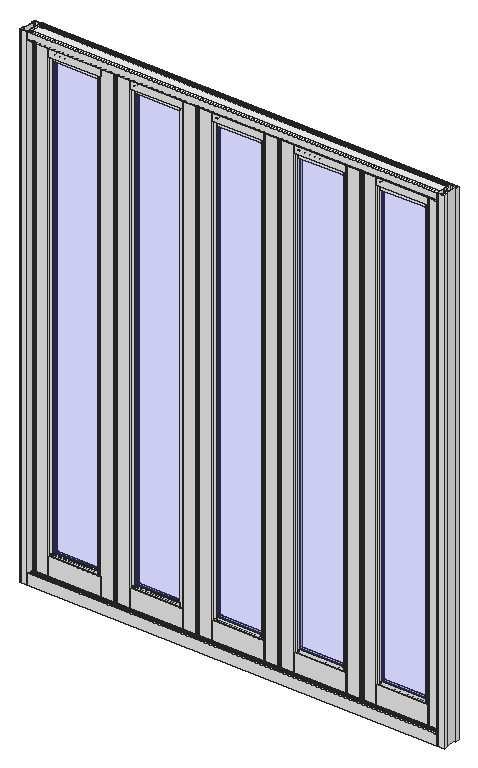
Revit family "Vistafold_Sliding_Folding_5_Custom", category Doors, host Wall, Revit 2014
Parameters (values of type "Vistafold-5-Custom")
  Windload Design = if(Custom Windload < 1001 mm, 1000 mm, if(Custom Windload < 1501 mm, 1500 mm, 1500 mm))  # 1000 mm
  Width Sash [instance] = 341.2 mm
  Width = if(Custom Door Width < Limit Door Width Min, Limit Door Width Min, if(Custom Door Width > Limit Door Width Max, Limit Door Width Max, Custom Door Width))  # 1790 mm
  Wall Thickness [instance] = 200 mm
  URL = "http://www.crealco.co.za/crealco-products.php"
  Model = "Vistafold"  # constant formula
  Manufacturer = "Crealco"  # constant formula
  Description = "Sliding folding door, 5 panel custom"  # constant formula
  Custom U Value [instance] = 0
  Custom SHGC Value [instance] = 0
  Thickness = 758 mm
  Thermal Resistance (R) [instance] = if(and(Custom U Value > 0.5678, 1 / Custom U Value < 36.9087), Custom U Value, if(not(Custom U Value > 0.5678), 1 / 0.5679, 1 / 36.9086)) * 1.0000 (m²·K)/W  # 1.76087 (m²·K)/W
  Solar Heat Gain Coefficient [instance] = if(and(not(Custom SHGC Value < 0), not(Custom SHGC Value > 1)), Custom SHGC Value, if(Custom U Value < 0, 0, 1))  # 0
  Single Glazing [instance] = not(Double Glazing)  # yes
  Sash Width = (Width - (2 * Sash Side Gap) - ((Number Of Sash Inserts - 1) * Sash Spacing Gap)) / Number Of Sash Inserts  # 341.2 mm
  Sash Spacing Gap = 4 mm  # constant formula
  Sash Height = Height - Sash Top Gap - Sash Bottom Gap  # 2023 mm
  Sash Top Gap = 34 mm  # constant formula
  Sash Side Gap = 34 mm  # constant formula
  Sash Frame Seal = 3.4 mm  # constant formula
  Sash Bottom Gap = 33 mm  # constant formula
  Rough Width = 2.5 mm
  Overall Width [instance] = 1790 mm
  Overall Height [instance] = 2090 mm
  Number Of Sash Inserts = 5  # constant formula
  Max System DG Unit Thickness = 25 mm  # constant formula
  Max System DG One Piece Thickness = rounddown((Max System DG Unit Thickness - DG Air Gap Thickness) / 2 mm) * 1 mm  # 6 mm
  Max Pane Area = (Sash Width - (2 * 38.7 mm)) * (Sash Height - (2 * 38.7 mm))  # 0.513249 m²
  Limit Door Width Min = (Limit Sash Width Min * Number Of Sash Inserts) + (2 * Sash Side Gap) + ((Number Of Sash Inserts - 1) * Sash Spacing Gap)  # 1584 mm
  Limit Door Width Max = (Limit Sash Width Max * Number Of Sash Inserts) + (2 * Sash Side Gap) + ((Number Of Sash Inserts - 1) * Sash Spacing Gap)  # 4584 mm
  Limit Door Height Min = Limit Sash Height Min + Sash Bottom Gap + Sash Top Gap  # 367 mm
  Limit Door Height Max = Limit Sash Height Max + Sash Bottom Gap + Sash Top Gap  # 2467 mm
  Limit Sash Width Min = 300 mm  # constant formula
  Limit Sash Width Max = if(Windload Design = 1000 mm, if(not(Height - Sash Top Gap - Sash Bottom Gap > 2100 mm), 900 mm, 600 mm), 600 mm)  # 900 mm
  Limit Sash Height Min = 300 mm  # constant formula
  Limit Sash Height Max = if(Windload Design = 1000 mm, 2400 mm, 2100 mm)  # 2400 mm
  IGDB or SAGDB Number = 0
  Height Sash [instance] = 2023 mm
  Height = if(Custom Door Height < Limit Door Height Min, Limit Door Height Min, if(Custom Door Height > Limit Door Height Max, Limit Door Height Max, Custom Door Height))  # 2090 mm
  Heat Transfer Coefficient (U) [instance] = if(and(Custom U Value > 0.5678, Custom U Value < 36.9087), Custom U Value, if(not(Custom U Value > 0.5678), 0.5679, 36.9086)) * 1.0000 W/(m²·K)  # 0.5679 W/(m²·K)
  Glazing Thickness DG [instance] = if(IGDB or SAGDB Number = 105003, 6 mm, if(IGDB or SAGDB Number = 105004, 7 mm, if(DG Thickness Calc > Max System DG One Piece Thickness, Max System DG One Piece Thickness, DG Thickness Calc)))  # 6 mm
  Glazing Thickness SG [instance] = if(IGDB or SAGDB Number = 1000016, 5 mm, if(IGDB or SAGDB Number = 100100, 6 mm, if(IGDB or SAGDB Number = 103200, 7 mm, if(not(Max Pane Area > 0.75 m²), 4 mm, if(not(Max Pane Area > 1.50 m²), 4 mm, if(not(Max Pane Area > 2.10 m²), 5 mm, if(not(Max Pane Area > 2.90 m²), 6.4 mm, if(not(Max Pane Area > 4.30 m²), 8 mm, 10 mm))))))))  # 4 mm
  Glazing Material [instance] = if(IGDB or SAGDB Number = 1000016, "PFG TOUGHENED SAFETY GLASS 5mm", if(IGDB or SAGDB Number = 100100, "PFG INTRUDERPRUFE 6.38mm", if(IGDB or SAGDB Number = 103200, "PFG INTRUDERPRUFE LOW-E 7.38mm", if(IGDB or SAGDB Number = 105003, "PFG 25mm INTRUDERPRUFE INSULATED GLASS", if(IGDB or SAGDB Number = 105004, "PFG 25mm INTRUDERPRUFE INSULATED GLASS LOW-E", "Unknown")))))  # "Unknown"
  Glazing Finish [instance] = Glass
  Glazing Code [instance] = if(IGDB or SAGDB Number = 1000016, "TSG5", if(IGDB or SAGDB Number = 100100, "LAM01", if(IGDB or SAGDB Number = 103200, "LAM01E", if(IGDB or SAGDB Number = 105003, "IGU25", if(IGDB or SAGDB Number = 105004, "IGU25E", "Unknown")))))  # "Unknown"
  Frame Thickness = 75 mm  # constant formula
  Frame Offset From Exterior [instance] = if(Centered In Wall, (Wall Thickness - Frame Thickness) / 2, Custom Frame Offset From Exterior)  # 62.5 mm
  Double Glazing Gasket Material = Double Glazing Gasket Material
  Double Glazing [instance] = no
  Default Sill Height = 0 mm  # constant formula
  Wall Closure = By host
  DG Thickness Calc = if(not(Max Pane Area > 1.125 m²), 6 mm, if(not(Max Pane Area > 2.25 m²), 6 mm, if(not(Max Pane Area > 3.15 m²), 6 mm, if(not(Max Pane Area > 4.35 m²), 6 mm, if(not(Max Pane Area > 6.45 m²), 8 mm, 10 mm)))))  # 6 mm
  DG Air Gap Thickness = 12 mm  # constant formula
  Custom Door Width = 1790 mm
  Custom Door Height = 2090 mm
  Custom Windload = 1000 mm
  Custom Frame Offset From Exterior = 0 mm
  Centered In Wall = yes
  Aluminium Finish [instance] = White Powder Coated Aluminium ANP 1052
  All Available Glazing Numbers = "The rows below list the available glazing materials for this window:"  # constant formula
  105004 [instance] = "IGU25E"  # constant formula
  105003 [instance] = "IGU25"  # constant formula
  103200 [instance] = "LAM01E"  # constant formula
  100100 [instance] = "LAM01"  # constant formula
  1000016 [instance] = "TSG5"  # constant formula
Reference planes
  plane 1 "Center (Front/Back)": y = 0
  plane 2 "Center (Left/Right)": x = 0
  plane 3 "Left": x = -895
  plane 4 "Right": x = 895
  plane 5 "Sill": z = 0
  plane 6 "Head": z = 2090
  plane 7 "Exterior": y = 100
  plane 8 "Interior": y = -100
Lines and regions (mm)
  Opening 1
    outline origin (3500, -100, 0) x (1, 0, 0) y (0, 0, 1)
      loop
        line (-2605, 0) -> (-2605, 2090) -> (-4395, 2090) -> (-4395, 0) -> (-2605, 0)
Text (mm)
  text "EXTERIOR" at (-1963.203, 1332.353, 0), in view "Ref. Level"
  text "INTERIOR" at (-1981.466, -818.386, 0), in view "Ref. Level"
  text "Exterior" at (0, 923.751, 2943.296), in view "Right"
  text "Exterior" at (0, 1040.484, 2685.409), in view "Left"
Dimensions and locks
  equal spacing: plane 3 "Left", plane 2 "Center (Left/Right)", plane 4 "Right"
  "Width": plane 3 "Left" to plane 4 "Right"
  "Height": plane 5 "Sill" to plane 6 "Head"
  "Default Sill Height": plane 5 "Sill" to level
  locked: plane 7 "Exterior" to host wall at 0
  locked: plane 8 "Interior" to host wall
  "Overall Height": plane 6 "Head" to plane 5 "Sill"
  "Overall Width": plane 3 "Left" to plane 4 "Right"
  "Frame Offset From Exterior": nested 1 to plane 7 "Exterior"
  "Sash Side Gap": plane 3 "Left" to nested 2
  "Sash Top Gap": nested 2 to plane 6 "Head"
  "Sash Top Gap": nested 3 to plane 6 "Head"
  "Sash Top Gap": nested 4 to plane 6 "Head"
  "Sash Spacing Gap": nested 2 to nested 3
  "Sash Spacing Gap": nested 3 to nested 4
  "Height Sash": nested 4 to nested 4
  "Width Sash": nested 4 to nested 4
  "Sash Top Gap": nested 8 to plane 6 "Head"
  "Sash Spacing Gap": nested 4 to nested 8
  "Sash Top Gap": nested 10 to plane 6 "Head"
  "Sash Spacing Gap": nested 8 to nested 10
  aligned and locked: nested 1 to plane 6 "Head"
  aligned and locked: nested 1 to plane 4 "Right"
  aligned and locked: nested 2 to nested 1
  aligned and locked: nested 3 to nested 1
  aligned and locked: nested 4 to nested 1
  aligned and locked: nested 1 to nested 8
  aligned and locked: nested 10 to nested 1
Automatic sketch dimensions
  plane 3 "Left" to Opening 1 sketch curve = 0 mm
  plane 4 "Right" to Opening 1 sketch curve = 0 mm
  Opening 1 sketch curve to plane 5 "Sill" = 0 mm
  Opening 1 sketch curve to plane 6 "Head" = 0 mm
Nested families
  nested 1: "Vistafold_Frame_5_Cust" at (940, -59.088, -88.811) x (-1, 0, 0) z (0, 0, 1), Width <- "Width", Height <- "Height", Profile Material <- "Aluminium Finish", type "Vistafold_Frame_5_Cust"
    with Width 1790 mm, Profile Material White Powder Coated Aluminium ANP 1052, Length Jamb 2090 mm, Length Head & Sill 1730 mm, Height 2090 mm
  nested 2: "Vistafold_Sash_Insert_5_Cust" at (-519.8, -6.496, 33) x (-1, 0, 0) z (0, 0, 1), Profile Material <- "Aluminium Finish", Glazing Material <- "Glazing Finish", Double Glazing Gasket Material <- "Double Glazing Gasket Material", Sash Width <- "Sash Width", Sash Height <- "Sash Height", Glazing Thickness DG <- "Glazing Thickness DG", Glazing Thickness SG <- "Glazing Thickness SG", DG Gasket Thickness <- "DG Air Gap Thickness", Double Glazing <- "Double Glazing", type "Vistafold_Sash_Insert_5_Cust"
    with Single Glazing yes, Sash Width 341.2 mm, Sash Height 2023 mm, SG Exterior Offset 12.35 mm, Right Sliding Folding no, Right Hinged no, Profile Material White Powder Coated Aluminium ANP 1052, Length Jamb 2023 mm, Length Head and Sill 221.2 mm, Left Sliding Folding yes, Left Hinged no, Jamb Woodpile Right no, Jamb Woodpile Left no, Jamb Stile Right no, Jamb Stile Left yes, Jamb Astragal Right yes, Jamb Astragal Left no, Is Sliding yes, Glazing Width 211.2 mm, Glazing Thickness SG 4 mm, Glazing Thickness DG 6 mm, Glazing Material Glass, Glazing Height 1878 mm, Double Glazing Gasket Material Double Glazing Gasket Material, Double Glazing no, DG Gasket Thickness 12 mm, DG Exterior Offset 10.3 mm, Bead Width 221.2 mm, Bead Height 1888 mm
  nested 3: "Vistafold_Sash_Insert_5_Cust" at (-174.6, -6.496, 33) x (-1, 0, 0) z (0, 0, 1), Profile Material <- "Aluminium Finish", Glazing Material <- "Glazing Finish", Double Glazing Gasket Material <- "Double Glazing Gasket Material", Sash Width <- "Sash Width", Sash Height <- "Sash Height", Glazing Thickness DG <- "Glazing Thickness DG", Glazing Thickness SG <- "Glazing Thickness SG", DG Gasket Thickness <- "DG Air Gap Thickness", Double Glazing <- "Double Glazing", type "Vistafold_Sash_Insert_5_Cust"
    with Single Glazing yes, Sash Width 341.2 mm, Sash Height 2023 mm, SG Exterior Offset 12.35 mm, Right Sliding Folding no, Right Hinged no, Profile Material White Powder Coated Aluminium ANP 1052, Length Jamb 2023 mm, Length Head and Sill 221.2 mm, Left Sliding Folding yes, Left Hinged no, Jamb Woodpile Right yes, Jamb Woodpile Left no, Jamb Stile Right no, Jamb Stile Left yes, Jamb Astragal Right no, Jamb Astragal Left no, Is Sliding yes, Glazing Width 211.2 mm, Glazing Thickness SG 4 mm, Glazing Thickness DG 6 mm, Glazing Material Glass, Glazing Height 1878 mm, Double Glazing Gasket Material Double Glazing Gasket Material, Double Glazing no, DG Gasket Thickness 12 mm, DG Exterior Offset 10.3 mm, Bead Width 221.2 mm, Bead Height 1888 mm
  nested 4: "Vistafold_Sash_Insert_5_Cust" at (170.6, -6.496, 33) x (-1, 0, 0) z (0, 0, 1), Profile Material <- "Aluminium Finish", Glazing Material <- "Glazing Finish", Double Glazing Gasket Material <- "Double Glazing Gasket Material", Sash Width <- "Sash Width", Sash Height <- "Sash Height", Glazing Thickness DG <- "Glazing Thickness DG", Glazing Thickness SG <- "Glazing Thickness SG", DG Gasket Thickness <- "DG Air Gap Thickness", Double Glazing <- "Double Glazing", type "Vistafold_Sash_Insert_5_Cust"
    with Single Glazing yes, Sash Width 341.2 mm, Sash Height 2023 mm, SG Exterior Offset 12.35 mm, Right Sliding Folding no, Right Hinged no, Profile Material White Powder Coated Aluminium ANP 1052, Length Jamb 2023 mm, Length Head and Sill 221.2 mm, Left Sliding Folding yes, Left Hinged no, Jamb Woodpile Right yes, Jamb Woodpile Left no, Jamb Stile Right no, Jamb Stile Left yes, Jamb Astragal Right no, Jamb Astragal Left no, Is Sliding yes, Glazing Width 211.2 mm, Glazing Thickness SG 4 mm, Glazing Thickness DG 6 mm, Glazing Material Glass, Glazing Height 1878 mm, Double Glazing Gasket Material Double Glazing Gasket Material, Double Glazing no, DG Gasket Thickness 12 mm, DG Exterior Offset 10.3 mm, Bead Width 221.2 mm, Bead Height 1888 mm
  nested 5: "Vistafold_Single_Glazing_Sliding_Folding_5_Cust" at (-796, 5.854, 123) x (-1, 0, 0) z (0, 0, 1), type "Vistafold_Single_Glazing_Sliding_Folding_5_Cust"
    with Right Sliding Folding no, Right Hinged no, Length Arrow Tip 11.172 mm, Length Arrow Down 18.433 mm, Length Arrow 36.867 mm, Left Sliding Folding yes, Left Hinged no, Is Sliding Folding yes, Half Height 939 mm, Glazing Width 211.2 mm, Glazing Thickness SG 4 mm, Glazing Material Glass, Glazing Height 1878 mm, Double Glazing Gasket Material Double Glazing Gasket Material, Arrow Tip Length 11.172 mm, Arrow Left Gap 87.167 mm, Arrow Bottom Gap 948.217 mm
  nested 6: "Vistafold_Single_Glazing_Sliding_Folding_5_Cust" at (-450.8, 5.854, 123) x (-1, 0, 0) z (0, 0, 1), type "Vistafold_Single_Glazing_Sliding_Folding_5_Cust"
    with Right Sliding Folding no, Right Hinged no, Length Arrow Tip 11.172 mm, Length Arrow Down 18.433 mm, Length Arrow 36.867 mm, Left Sliding Folding yes, Left Hinged no, Is Sliding Folding yes, Half Height 939 mm, Glazing Width 211.2 mm, Glazing Thickness SG 4 mm, Glazing Material Glass, Glazing Height 1878 mm, Double Glazing Gasket Material Double Glazing Gasket Material, Arrow Tip Length 11.172 mm, Arrow Left Gap 87.167 mm, Arrow Bottom Gap 948.217 mm
  nested 7: "Vistafold_Single_Glazing_Sliding_Folding_5_Cust" at (-105.6, 5.854, 123) x (-1, 0, 0) z (0, 0, 1), type "Vistafold_Single_Glazing_Sliding_Folding_5_Cust"
    with Right Sliding Folding no, Right Hinged no, Length Arrow Tip 11.172 mm, Length Arrow Down 18.433 mm, Length Arrow 36.867 mm, Left Sliding Folding yes, Left Hinged no, Is Sliding Folding yes, Half Height 939 mm, Glazing Width 211.2 mm, Glazing Thickness SG 4 mm, Glazing Material Glass, Glazing Height 1878 mm, Double Glazing Gasket Material Double Glazing Gasket Material, Arrow Tip Length 11.172 mm, Arrow Left Gap 87.167 mm, Arrow Bottom Gap 948.217 mm
  nested 8: "Vistafold_Sash_Insert_5_Cust" at (515.8, -6.5, 33) x (-1, 0, 0) z (0, 0, 1), Profile Material <- "Aluminium Finish", Glazing Material <- "Glazing Finish", Double Glazing Gasket Material <- "Double Glazing Gasket Material", Sash Width <- "Sash Width", Sash Height <- "Sash Height", Glazing Thickness DG <- "Glazing Thickness DG", Glazing Thickness SG <- "Glazing Thickness SG", DG Gasket Thickness <- "DG Air Gap Thickness", Double Glazing <- "Double Glazing", type "Vistafold_Sash_Insert_5_Cust"
    with Single Glazing yes, Sash Width 341.2 mm, Sash Height 2023 mm, SG Exterior Offset 12.35 mm, Right Sliding Folding no, Right Hinged no, Profile Material White Powder Coated Aluminium ANP 1052, Length Jamb 2023 mm, Length Head and Sill 221.2 mm, Left Sliding Folding yes, Left Hinged no, Jamb Woodpile Right yes, Jamb Woodpile Left no, Jamb Stile Right no, Jamb Stile Left yes, Jamb Astragal Right no, Jamb Astragal Left no, Is Sliding yes, Glazing Width 211.2 mm, Glazing Thickness SG 4 mm, Glazing Thickness DG 6 mm, Glazing Material Glass, Glazing Height 1878 mm, Double Glazing Gasket Material Double Glazing Gasket Material, Double Glazing no, DG Gasket Thickness 12 mm, DG Exterior Offset 10.3 mm, Bead Width 221.2 mm, Bead Height 1888 mm
  nested 9: "Vistafold_Single_Glazing_Sliding_Folding_5_Cust" at (239.6, 5.85, 123) x (-1, 0, 0) z (0, 0, 1), type "Vistafold_Single_Glazing_Sliding_Folding_5_Cust"
    with Right Sliding Folding no, Right Hinged no, Length Arrow Tip 11.172 mm, Length Arrow Down 18.433 mm, Length Arrow 36.867 mm, Left Sliding Folding yes, Left Hinged no, Is Sliding Folding yes, Half Height 939 mm, Glazing Width 211.2 mm, Glazing Thickness SG 4 mm, Glazing Material Glass, Glazing Height 1878 mm, Double Glazing Gasket Material Double Glazing Gasket Material, Arrow Tip Length 11.172 mm, Arrow Left Gap 87.167 mm, Arrow Bottom Gap 948.217 mm
  nested 10: "Vistafold_Sash_Insert_5_Cust" at (861, -6.496, 33) x (-1, 0, 0) z (0, 0, 1), Profile Material <- "Aluminium Finish", Glazing Material <- "Glazing Finish", Double Glazing Gasket Material <- "Double Glazing Gasket Material", Sash Width <- "Sash Width", Sash Height <- "Sash Height", Glazing Thickness DG <- "Glazing Thickness DG", Glazing Thickness SG <- "Glazing Thickness SG", DG Gasket Thickness <- "DG Air Gap Thickness", Double Glazing <- "Double Glazing", type "Vistafold_Sash_Insert_5_Cust"
    with Single Glazing yes, Sash Width 341.2 mm, Sash Height 2023 mm, SG Exterior Offset 12.35 mm, Right Sliding Folding no, Right Hinged no, Profile Material White Powder Coated Aluminium ANP 1052, Length Jamb 2023 mm, Length Head and Sill 221.2 mm, Left Sliding Folding yes, Left Hinged no, Jamb Woodpile Right yes, Jamb Woodpile Left no, Jamb Stile Right no, Jamb Stile Left yes, Jamb Astragal Right no, Jamb Astragal Left no, Is Sliding yes, Glazing Width 211.2 mm, Glazing Thickness SG 4 mm, Glazing Thickness DG 6 mm, Glazing Material Glass, Glazing Height 1878 mm, Double Glazing Gasket Material Double Glazing Gasket Material, Double Glazing no, DG Gasket Thickness 12 mm, DG Exterior Offset 10.3 mm, Bead Width 221.2 mm, Bead Height 1888 mm
  nested 11: "Vistafold_Single_Glazing_Sliding_Folding_5_Cust" at (584.8, 5.854, 123) x (-1, 0, 0) z (0, 0, 1), type "Vistafold_Single_Glazing_Sliding_Folding_5_Cust"
    with Right Sliding Folding no, Right Hinged no, Length Arrow Tip 11.172 mm, Length Arrow Down 18.433 mm, Length Arrow 36.867 mm, Left Sliding Folding yes, Left Hinged no, Is Sliding Folding yes, Half Height 939 mm, Glazing Width 211.2 mm, Glazing Thickness SG 4 mm, Glazing Material Glass, Glazing Height 1878 mm, Double Glazing Gasket Material Double Glazing Gasket Material, Arrow Tip Length 11.172 mm, Arrow Left Gap 87.167 mm, Arrow Bottom Gap 948.217 mm
Definition of nested family "Vistafold_Frame_5_Cust"
  Parameters (values of type "Vistafold_Frame")
    Width [instance] = 900 mm
    Profile Material [instance] = none
    Length Jamb [instance] = Height  # 600 mm
    Length Head & Sill [instance] = Width - (2 * Jamb Thickness)  # 840 mm
    Jamb Thickness = 30 mm  # constant formula
    Height [instance] = 600 mm
  Reference planes
    plane 1 "Center (Front/Back)": y = 0
    plane 2: z = 0
    plane 3 "Center (Left/Right)": x = 0
  Dimensions and locks
    aligned and locked: level to plane 2
    aligned and locked: nested 1 to nested 2
    aligned and locked: nested 2 to nested 1  (x2)
    aligned and locked: nested 1 to nested 4
    aligned and locked: nested 4 to nested 1  (x2)
    aligned and locked: nested 1 to nested 3
    aligned and locked: nested 3 to nested 2  (x2)
  Nested families
    nested 1: "Vistafold_Frame_Sill" at (75, -135.045, 65.947), Profile Material <- "Profile Material", Length Sill <- "Length Head & Sill", type "Vistafold_Frame_Sill"
      with Profile Material none, Length Sill 840 mm, Floortrack Start -840 mm
    nested 2: "Vistafold_Frame_Jamb" at (39.622, -105, 88.811), Profile Material <- "Profile Material", Length Jamb <- "Length Jamb", type "Vistafold_Frame_Jamb"
      with Profile Material none, Length Jamb 600 mm
    nested 3: "Vistafold_Frame_Head" at (75, -121.445, 230.545), Profile Material <- "Profile Material", Length Head <- "Length Head & Sill", type "Vistafold_Frame_Head"
      with Profile Material none, Length Head 840 mm
    nested 4: "Vistafold_Frame_Jamb" at (950.378, -105, 88.811) x (-1, 0, 0) z (0, 0, 1), Profile Material <- "Profile Material", Length Jamb <- "Length Jamb", type "Vistafold_Frame_Jamb"
      with Profile Material none, Length Jamb 600 mm
  Definition of nested family "Vistafold_Frame_Sill"
    Parameters (values of type "Vistafold_Frame_Sill")
      Profile Material [instance] = none
      Length Sill [instance] = 250 mm
      Floortrack Start [instance] = -Length Sill  # -250 mm
    Reference planes
      plane 1 "Center (Front/Back)": y = 0
      plane 2: z = 0
      plane 3 "Center (Left/Right)": x = 0
    Forms (mm)
      Extrusion 1, solid, material <- "Profile Material"
        sketch origin (0, 0, 0) x (0, 1, 0) y (0, 0, 1)
          loop
            line (75.282, 44.856) -> (66.006, 43.368) -> (66.006, 40.864) -> (39.406, 40.864) -> (39.406, 43.364) -> (38.456, 43.364) -> (38.456, 22.864) -> (40.456, 22.864) -> (40.456, 24.864) -> (62.456, 24.864) -> (62.456, 22.864) -> (64.456, 22.864) -> (64.456, 24.864) -> (86.456, 24.864) -> (86.456, 22.864) -> (88.456, 22.864) -> (88.456, 24.864) -> (111.456, 24.864) -> (111.456, 22.864) -> (113.456, 22.864) -> (113.456, 67.364)
            arc (113.456, 67.364) -> (113.31, 67.718) -> (112.956, 67.864) r 0.5
            line (112.956, 67.864) -> (108.156, 67.864) -> (107.449, 67.364) -> (102.48, 67.364) -> (101.773, 67.864) -> (98.156, 67.864) -> (97.449, 67.364) -> (92.48, 67.364) -> (91.773, 67.864) -> (86.956, 67.864)
            arc (86.956, 67.864) -> (86.603, 67.718) -> (86.456, 67.364) r 0.5
            line (86.456, 67.364) -> (86.456, 64.614) -> (87.456, 64.614) -> (87.456, 66.214) -> (89.056, 66.214) -> (89.056, 58.514) -> (87.456, 58.514) -> (87.456, 60.114) -> (86.456, 60.114) -> (86.456, 34.764)
            arc (86.456, 34.764) -> (86.017, 33.703) -> (84.956, 33.264) r 1.5
            line (84.956, 33.264) -> (78.956, 33.264)
            arc (78.956, 33.264) -> (77.896, 33.703) -> (77.456, 34.764) r 1.5
            line (77.456, 34.764) -> (77.456, 42.864)
            arc (77.456, 42.864) -> (76.808, 44.339) -> (75.282, 44.856) r 2
          loop
            line (75.456, 34.764) -> (75.456, 42.921) -> (68.006, 41.493) -> (68.006, 38.864) -> (40.456, 38.864) -> (40.456, 27.064) -> (86.456, 27.064) -> (86.456, 31.264) -> (78.956, 31.264)
            arc (78.956, 31.264) -> (76.482, 32.289) -> (75.456, 34.764) r 3.5
          loop
            line (111.456, 27.064) -> (111.456, 65.864) -> (91.056, 65.864) -> (91.056, 56.864) -> (88.456, 56.864) -> (88.456, 27.064) -> (111.456, 27.064)
        from 0 to 250 <- "Length Sill"
      Extrusion 2, solid
        sketch origin (250, 0, 0) x (0, 1, 0) y (0, 0, 1)
          loop
            line (50.256, 48.118) -> (50.256, 43.364) -> (40.006, 43.364) -> (40.006, 40.864) -> (66.006, 40.864) -> (66.006, 43.364) -> (55.756, 43.364) -> (55.756, 48.118)
            arc (55.756, 48.118) -> (53.006, 50.868) -> (50.256, 48.118) r 2.75
        from -250 <- "Floortrack Start" to 0
    Dimensions and locks
      aligned and locked: level to plane 2
  Definition of nested family "Vistafold_Frame_Jamb"
    Parameters (values of type "Vistafold_Frame_Jamb")
      Profile Material [instance] = none
      Length Jamb [instance] = 250 mm
      Cut Height = 45 mm  # constant formula
    Reference planes
      plane 1 "Center (Front/Back)": y = 0
      plane 2: z = 0
      plane 3 "Center (Left/Right)": x = 0
    Forms (mm)
      Extrusion 1, solid, material <- "Profile Material"
        sketch origin (0, 0, 0) x (1, 0, 0) y (0, 1, 0)
          loop
            line (49.878, 60.812) -> (35.378, 60.812) -> (35.378, 83.412) -> (5.378, 83.412) -> (5.378, 67.912) -> (6.878, 67.912) -> (6.878, 70.412) -> (9.878, 70.412) -> (9.878, 21.412) -> (6.878, 21.412) -> (6.878, 23.912) -> (5.378, 23.912) -> (5.378, 8.412) -> (35.378, 8.412) -> (35.378, 11.512) -> (34.378, 11.512) -> (34.378, 10.012) -> (32.878, 10.012) -> (32.878, 17.612) -> (34.378, 17.612) -> (34.378, 16.112) -> (35.378, 16.112) -> (35.378, 30.312) -> (35.378, 44.712) -> (34.378, 44.712) -> (34.378, 43.212) -> (32.878, 43.212) -> (32.878, 50.812) -> (34.378, 50.812) -> (34.378, 49.312) -> (35.378, 49.312) -> (35.378, 59.012) -> (39.378, 59.012) -> (39.378, 56.912)
            arc (39.378, 56.912) -> (39.524, 56.558) -> (39.878, 56.412) r 0.5
            line (39.878, 56.412) -> (42.628, 56.412) -> (42.628, 57.412) -> (41.028, 57.412) -> (41.028, 59.012) -> (48.728, 59.012) -> (48.728, 57.412) -> (47.128, 57.412) -> (47.128, 56.412) -> (49.878, 56.412)
            arc (49.878, 56.412) -> (50.231, 56.558) -> (50.378, 56.912) r 0.5
            line (50.378, 56.912) -> (50.378, 60.312)
            arc (50.378, 60.312) -> (50.231, 60.665) -> (49.878, 60.812) r 0.5
          loop
            line (32.078, 52.412) -> (33.578, 52.412) -> (33.578, 81.412) -> (7.378, 81.412) -> (7.378, 72.212) -> (10.278, 72.212)
            arc (10.278, 72.212) -> (11.268, 71.802) -> (11.678, 70.812) r 1.4
            line (11.678, 70.812) -> (11.678, 21.012)
            arc (11.678, 21.012) -> (11.268, 20.022) -> (10.278, 19.612) r 1.4
            line (10.278, 19.612) -> (7.378, 19.612) -> (7.378, 10.412) -> (31.078, 10.412) -> (31.078, 18.212)
            arc (31.078, 18.212) -> (31.371, 18.919) -> (32.078, 19.212) r 1
            line (32.078, 19.212) -> (33.378, 19.212) -> (33.378, 30.312) -> (33.378, 41.612) -> (32.078, 41.612)
            arc (32.078, 41.612) -> (31.371, 41.904) -> (31.078, 42.612) r 1
            line (31.078, 42.612) -> (31.078, 51.412)
            arc (31.078, 51.412) -> (31.371, 52.119) -> (32.078, 52.412) r 1
        from 0 to 250 <- "Length Jamb"
      Extrusion 2, void
        sketch origin (35.378, 83.112, 0) x (0, 1, 0) y (0, 0, -1)
          loop
            line (-22.3, -250) -> (-22.3, -205) -> (-26.7, -205) -> (-26.7, -250) -> (-22.3, -250)
          loop
            line (-22.3, 0) -> (-26.7, 0) -> (-26.7, -45) -> (-22.3, -45) -> (-22.3, 0)
        from -50 to 0
    Cuts and joins
      Extrusion 2 cuts Extrusion 1
    Dimensions and locks
      "Cut Height": Extrusion 1 to Extrusion 2 sketch curve  (x2)
      aligned and locked: level to plane 2
      aligned and locked: Extrusion 1 to Extrusion 2 sketch curve  (x2)
      aligned and locked: Extrusion 2 sketch curve to Extrusion 1  (x4)
    Automatic sketch dimensions
      plane 3 "Center (Left/Right)" to Extrusion 1 sketch curve = 5.378 mm  (x2)
      Extrusion 1 sketch curve to Extrusion 1 sketch curve = 1.5 mm  (x10)
      Extrusion 1 sketch curve to Extrusion 1 sketch curve = 2 mm  (x2)
      Extrusion 1 sketch curve to Extrusion 1 sketch curve = 0.5 mm  (x4)
      Extrusion 1 sketch curve to Extrusion 1 sketch curve = 3 mm
      Extrusion 1 sketch curve to Extrusion 1 sketch curve = 0.4 mm  (x5)
      Extrusion 1 sketch curve to Extrusion 1 sketch curve = 1.4 mm
      Extrusion 1 sketch curve to Extrusion 1 sketch curve = 19.4 mm  (x2)
      Extrusion 1 sketch curve to plane 1 "Center (Front/Back)" = 10.412 mm
      Extrusion 1 sketch curve to Extrusion 1 sketch curve = 1 mm  (x7)
      Extrusion 1 sketch curve to Extrusion 1 sketch curve = 1.8 mm  (x2)
      Extrusion 1 sketch curve to Extrusion 1 sketch curve = 0.8 mm
      Extrusion 1 sketch curve to Extrusion 1 sketch curve = 1.3 mm  (x2)
      Extrusion 1 sketch curve to Extrusion 1 sketch curve = 21.9 mm
      Extrusion 1 sketch curve to Extrusion 1 sketch curve = 4 mm
      Extrusion 1 sketch curve to Extrusion 1 sketch curve = 1.65 mm
      Extrusion 1 sketch curve to Extrusion 1 sketch curve = 1.6 mm  (x5)
      Extrusion 1 sketch curve to Extrusion 1 sketch curve = 4.5 mm
      Extrusion 1 sketch curve to Extrusion 1 sketch curve = 1.15 mm  (x2)
      Extrusion 1 sketch curve to Extrusion 1 sketch curve = 4.6 mm  (x2)
      Extrusion 1 sketch curve to Extrusion 1 sketch curve = 0.6 mm  (x2)
      Extrusion 1 sketch curve to Extrusion 1 sketch curve = 9.2 mm  (x2)
      Extrusion 1 sketch curve to Extrusion 1 sketch curve = 2.5 mm  (x2)
      Extrusion 1 sketch curve to Extrusion 1 sketch curve = 11.1 mm
      Extrusion 1 sketch curve to Extrusion 1 sketch curve = 0 mm  (x2)
      Extrusion 1 sketch curve to Extrusion 1 sketch curve = 11.3 mm
      Extrusion 1 sketch curve to Extrusion 1 sketch curve = 7.1 mm
      Extrusion 1 sketch curve to Extrusion 1 sketch curve = 2.1 mm
      Extrusion 1 sketch curve to Extrusion 1 sketch curve = 16.5 mm
  Definition of nested family "Vistafold_Frame_Head"
    Parameters (values of type "Vistafold_Frame_Head")
      Profile Material [instance] = none
      Length Head [instance] = 250 mm
    Reference planes
      plane 1 "Center (Front/Back)": y = 0
      plane 2: z = 0
      plane 3 "Center (Left/Right)": x = 0
    Forms (mm)
      Extrusion 1, solid, material <- "Profile Material"
        sketch origin (0, 0, 0) x (0, 1, 0) y (0, 0, 1)
          loop
            arc (36.956, 458.266) -> (36.249, 457.973) -> (35.956, 457.266) r 1
            line (35.956, 457.266) -> (35.956, 445.766)
            arc (35.956, 445.766) -> (35.81, 445.412) -> (35.456, 445.266) r 0.5
            line (35.456, 445.266) -> (27.356, 445.266)
            arc (27.356, 445.266) -> (27.003, 445.412) -> (26.856, 445.766) r 0.5
            line (26.856, 445.766) -> (26.856, 455.766)
            arc (26.856, 455.766) -> (27.003, 456.119) -> (27.356, 456.266) r 0.5
            line (27.356, 456.266) -> (28.856, 456.266) -> (28.856, 458.266) -> (25.856, 458.266)
            arc (25.856, 458.266) -> (25.149, 457.973) -> (24.856, 457.266) r 1
            line (24.856, 457.266) -> (24.856, 429.266)
            arc (24.856, 429.266) -> (25.149, 428.558) -> (25.856, 428.266) r 1
            line (25.856, 428.266) -> (28.106, 428.266) -> (28.106, 429.266) -> (26.506, 429.266) -> (26.506, 430.866) -> (34.206, 430.866) -> (34.206, 429.266) -> (32.606, 429.266) -> (32.606, 428.266) -> (36.456, 428.266)
            arc (36.456, 428.266) -> (37.871, 428.851) -> (38.456, 430.266) r 2
            line (38.456, 430.266) -> (38.456, 451.466)
            arc (38.456, 451.466) -> (38.603, 451.819) -> (38.956, 451.966) r 0.5
            line (38.956, 451.966) -> (55.506, 451.966) -> (55.506, 430.266)
            arc (55.506, 430.266) -> (56.092, 428.851) -> (57.506, 428.266) r 2
            line (57.506, 428.266) -> (75.456, 428.266) -> (75.456, 424.266) -> (73.356, 424.266)
            arc (73.356, 424.266) -> (73.003, 424.119) -> (72.856, 423.766) r 0.5
            line (72.856, 423.766) -> (72.856, 421.016) -> (73.856, 421.016) -> (73.856, 422.616) -> (75.456, 422.616) -> (75.456, 414.916) -> (73.856, 414.916) -> (73.856, 416.516) -> (72.856, 416.516) -> (72.856, 413.766)
            arc (72.856, 413.766) -> (73.003, 413.412) -> (73.356, 413.266) r 0.5
            line (73.356, 413.266) -> (76.756, 413.266)
            arc (76.756, 413.266) -> (77.11, 413.412) -> (77.256, 413.766) r 0.5
            line (77.256, 413.766) -> (77.256, 428.266) -> (98.856, 428.266)
            arc (98.856, 428.266) -> (99.564, 428.558) -> (99.856, 429.266) r 1
            line (99.856, 429.266) -> (99.856, 458.266) -> (84.356, 458.266) -> (84.356, 456.766) -> (86.856, 456.766) -> (86.856, 453.766) -> (37.856, 453.766) -> (37.856, 456.766) -> (40.356, 456.766) -> (40.356, 458.266) -> (36.956, 458.266)
          loop
            arc (88.656, 453.366) -> (88.246, 452.376) -> (87.256, 451.966) r 1.4
            line (87.256, 451.966) -> (57.506, 451.966) -> (57.506, 430.766)
            arc (57.506, 430.766) -> (57.653, 430.412) -> (58.006, 430.266) r 0.5
            line (58.006, 430.266) -> (97.856, 430.266) -> (97.856, 456.266) -> (88.656, 456.266) -> (88.656, 453.366)
          loop
            line (26.856, 442.766) -> (26.856, 432.466) -> (35.956, 432.466) -> (35.956, 442.766)
            arc (35.956, 442.766) -> (35.81, 443.119) -> (35.456, 443.266) r 0.5
            line (35.456, 443.266) -> (27.356, 443.266)
            arc (27.356, 443.266) -> (27.003, 443.119) -> (26.856, 442.766) r 0.5
        from 0 to 250 <- "Length Head"
    Dimensions and locks
      aligned and locked: level to plane 2
Definition of nested family "Vistafold_Sash_Insert_5_Cust"
  Parameters (values of type "Vistafold_Sash_Insert")
    Sill Height = 85 mm  # constant formula
    Jamb Width = 60 mm  # constant formula
    Single Glazing [instance] = not(Double Glazing)  # yes
    Head Height = 50 mm  # constant formula
    SG Exterior Offset [instance] = Back Glazing Pillar Gap + ((SG Available Space - Glazing Thickness SG) / 2)  # 12.35 mm
    SG Available Space = 13.3 mm  # constant formula
    Sash Width [instance] = 900 mm
    Sash Height [instance] = 1200 mm
    Right Sliding Folding [instance] = yes
    Right Hinged [instance] = yes
    Profile Material [instance] = White Powder Coated Aluminium ANP 1052
    Length Jamb [instance] = Sash Height  # 1200 mm
    Length Head and Sill [instance] = Sash Width - (2 * Jamb Width)  # 780 mm
    Left Sliding Folding [instance] = yes
    Left Hinged [instance] = yes
    Is Sliding [instance] = if(or(Right Sliding Folding, Left Sliding Folding), 1 = 1, 1 = 2)  # yes
    Is Hinged = yes
    Glazing Width [instance] = Sash Width - (Glazing Side Gap * 2)  # 770 mm
    Glazing Thickness DG [instance] = 3 mm
    Glazing Thickness SG [instance] = 4 mm
    Glazing Material [instance] = Glass
    Glazing Side Gap = Jamb Width + 5 mm  # 65 mm
    Glazing Height [instance] = Sash Height - Sill Height - Head Height - 10 mm  # 1055 mm
    Glazing Bottom Gap = Sill Height + 5 mm  # 90 mm
    DG Gasket Thickness [instance] = 12 mm
    Double Glazing Gasket Material [instance] = none
    Double Glazing [instance] = no
    DG Exterior Offset [instance] = Back Glazing Pillar Gap + ((DG Available Space - ((Glazing Thickness DG * 2) + DG Gasket Thickness)) / 2)  # 13.3 mm
    DG Available Space = 29.2 mm  # constant formula
    Bead Width [instance] = Sash Width - (2 * Jamb Width)  # 780 mm
    Bead Height [instance] = Sash Height - Sill Height - Head Height  # 1065 mm
    Bead Gap From Exterior = 34 mm  # constant formula
    Back Glazing Pillar Gap = 7.7 mm  # constant formula
    Jamb Stile Left [instance] = no
    Jamb Stile Right [instance] = no
    Jamb Woodpile Left [instance] = no
    Jamb Woodpile Right [instance] = no
    Jamb Astragal Left [instance] = no
    Jamb Astragal Right [instance] = no
  Reference planes
    plane 1 "Center (Front/Back)": y = 0
    plane 2: z = 0
    plane 3 "Center (Left/Right)": x = 0
  Dimensions and locks
    "Glazing Side Gap": plane 3 "Center (Left/Right)" to nested 1
    "SG Exterior Offset": nested 1 to plane 1 "Center (Front/Back)"
    "Glazing Bottom Gap": nested 1 to level
    "Glazing Side Gap": plane 3 "Center (Left/Right)" to nested 2
    "DG Exterior Offset": nested 2 to plane 1 "Center (Front/Back)"
    "Glazing Bottom Gap": nested 2 to level
    "Sash Width": plane 3 "Center (Left/Right)" to nested 4
    "Sash Width": plane 3 "Center (Left/Right)" to nested 5
    "Sash Width": plane 3 "Center (Left/Right)" to nested 6
    "Jamb Width": plane 3 "Center (Left/Right)" to nested 10
    "Jamb Width": plane 3 "Center (Left/Right)" to nested 9
    "Sash Height": nested 9 to level
    "Jamb Width": plane 3 "Center (Left/Right)" to nested 11
    "Bead Gap From Exterior": nested 11 to plane 1 "Center (Front/Back)"
    "Sill Height": nested 11 to level
    "Jamb Width": plane 3 "Center (Left/Right)" to nested 12
    "Bead Gap From Exterior": nested 12 to plane 1 "Center (Front/Back)"
    "Sill Height": nested 12 to level
    aligned and locked: level to plane 2
    aligned and locked: plane 1 "Center (Front/Back)" to nested 3
    aligned and locked: plane 3 "Center (Left/Right)" to nested 3
    aligned and locked: plane 1 "Center (Front/Back)" to nested 4
    aligned and locked: level to nested 3
    aligned and locked: level to nested 4
    aligned and locked: level to nested 5
    aligned and locked: plane 1 "Center (Front/Back)" to nested 5
    aligned and locked: nested 6 to level
    aligned and locked: nested 7 to level
    aligned and locked: nested 8 to level
    aligned and locked: nested 8 to plane 1 "Center (Front/Back)"
    aligned and locked: nested 7 to plane 1 "Center (Front/Back)"
    aligned and locked: nested 6 to plane 1 "Center (Front/Back)"
    aligned and locked: nested 7 to plane 3 "Center (Left/Right)"
    aligned and locked: nested 8 to plane 3 "Center (Left/Right)"
    aligned and locked: nested 10 to plane 1 "Center (Front/Back)"
    aligned and locked: nested 9 to plane 1 "Center (Front/Back)"
    aligned and locked: nested 10 to level
  Nested families
    nested 1: "Vistafold_Single_Glazing_Sliding_Folding_5_Cust" at (835, -12.35, 90), Glazing Material <- "Glazing Material", Double Glazing Gasket Material <- "Double Glazing Gasket Material", visible <- "Single Glazing", Glazing Width <- "Glazing Width", Glazing Height <- "Glazing Height", Glazing Thickness SG <- "Glazing Thickness SG", Right Sliding Folding <- "Right Sliding Folding", Right Hinged <- "Right Hinged", Left Sliding Folding <- "Left Sliding Folding", Left Hinged <- "Left Hinged", type "Vistafold_Single_Glazing_Sliding_Folding_5_Cust"
      with Right Sliding Folding yes, Right Hinged yes, Length Arrow Tip 67.616 mm, Length Arrow Down 111.567 mm, Length Arrow 223.133 mm, Left Sliding Folding yes, Left Hinged yes, Is Sliding Folding yes, Half Height 527.5 mm, Glazing Width 770 mm, Glazing Thickness SG 4 mm, Glazing Material Glass, Glazing Height 1055 mm, Double Glazing Gasket Material none, Arrow Tip Length 67.616 mm, Arrow Left Gap 273.433 mm, Arrow Bottom Gap 583.283 mm
    nested 2: "Vistafold_Double_Glazing_Sliding_Folding_5_Cust" at (835, -13.3, 90), visible <- "Double Glazing", Glazing Material <- "Glazing Material", Double Glazing Gasket Material <- "Double Glazing Gasket Material", Glazing Width <- "Glazing Width", Glazing Height <- "Glazing Height", Glazing Thickness DG <- "Glazing Thickness DG", Double Glazing Gasket Thickness <- "DG Gasket Thickness", Right Sliding Folding <- "Right Sliding Folding", Right Hinged <- "Right Hinged", Left Sliding Folding <- "Left Sliding Folding", Left Hinged <- "Left Hinged", type "Vistafold_Double_Glazing_Sliding_Folding_5_Cust"
      with Right Sliding Folding yes, Right Hinged yes, Length Arrow Tip 67.616 mm, Length Arrow Down 111.567 mm, Length Arrow 223.133 mm, Left Sliding Folding yes, Left Hinged yes, Is Sliding Folding yes, Half Height 527.5 mm, Glazing Width 770 mm, Glazing Thickness DG 3 mm, Glazing Material Glass, Glazing Height 1055 mm, Double Glazing Gasket Thickness 12 mm, Double Glazing Gasket Material none, Arrow Tip Length 67.616 mm, Arrow Left Gap 273.433 mm, Arrow Bottom Gap 583.283 mm
    nested 3: "Vistafold_Sash_Jamb" at (-4.68, -59.621, 0) x (0, 1, 0) z (0, 0, 1), Length Jamb <- "Length Jamb", Profile Material <- "Profile Material", visible <- "Jamb Stile Left", type "Vistafold_Sash_Jamb"
      with Profile Material White Powder Coated Aluminium ANP 1052, Length Jamb 1200 mm
    nested 4: "Vistafold_Sash_Jamb_Woodpile" at (921.111, 17.608, 0) x (0, -1, 0) z (0, 0, 1), Length Jamb <- "Length Jamb", Profile Material <- "Profile Material", visible <- "Jamb Woodpile Right", type "Vistafold_Sash_Jamb_Woodpile"
      with Profile Material White Powder Coated Aluminium ANP 1052, Length Jamb 1200 mm
    nested 5: "Vistafold_Sash_Jamb_Astragal" at (919.592, 6.355, 0) x (0, -1, 0) z (0, 0, 1), Length Jamb <- "Length Jamb", Profile Material <- "Profile Material", visible <- "Jamb Astragal Right", type "Vistafold_Sash_Jamb_Astragal"
      with Profile Material White Powder Coated Aluminium ANP 1052, Length Jamb 1200 mm
    nested 6: "Vistafold_Sash_Jamb" at (904.68, -59.621, 0) x (0, 1, 0) z (0, 0, 1), Length Jamb <- "Length Jamb", Profile Material <- "Profile Material", visible <- "Jamb Stile Right", type "Vistafold_Sash_Jamb"
      with Profile Material White Powder Coated Aluminium ANP 1052, Length Jamb 1200 mm
    nested 7: "Vistafold_Sash_Jamb_Woodpile" at (-21.111, 17.608, 0) x (0, -1, 0) z (0, 0, 1), Length Jamb <- "Length Jamb", Profile Material <- "Profile Material", visible <- "Jamb Woodpile Left", type "Vistafold_Sash_Jamb_Woodpile"
      with Profile Material White Powder Coated Aluminium ANP 1052, Length Jamb 1200 mm
    nested 8: "Vistafold_Sash_Jamb_Astragal" at (-19.592, 6.355, 0) x (0, -1, 0) z (0, 0, 1), Length Jamb <- "Length Jamb", Profile Material <- "Profile Material", visible <- "Jamb Astragal Left", type "Vistafold_Sash_Jamb_Astragal"
      with Profile Material White Powder Coated Aluminium ANP 1052, Length Jamb 1200 mm
    nested 9: "Vistafold_Sash_Head" at (840, 25.85, 942.265) x (-1, 0, 0) z (0, 0, 1), Profile Material <- "Profile Material", Length Head <- "Length Head and Sill", type "Vistafold_Sash_Head"
      with Profile Material White Powder Coated Aluminium ANP 1052, Length Head 780 mm
    nested 10: "Vistafold_Sash_Sill" at (840, 7.791, -7.573) x (-1, 0, 0) z (0, 0, 1), Profile Material <- "Profile Material", Length Sill <- "Length Head and Sill", type "Vistafold_Sash_Sill"
      with Profile Material White Powder Coated Aluminium ANP 1052, Length Sill 780 mm
    nested 11: "Vistafold_Angled_Glazing_Bead" at (60, -21.001, 85), Bead Width <- "Bead Width", Bead Height <- "Bead Height", Profile Material <- "Profile Material", visible <- "Single Glazing", type "Vistafold_Angled_Glazing_Bead"
      with Profile Material White Powder Coated Aluminium ANP 1052, Bead Width 780 mm, Bead Height 1065 mm
    nested 12: "Vistafold_Double_Glazing_Bead" at (60, -18.1, 85), Bead Width <- "Bead Width", Bead Height <- "Bead Height", Profile Material <- "Profile Material", visible <- "Double Glazing", type "Vistafold_Double_Glazing_Bead"
      with Profile Material White Powder Coated Aluminium ANP 1052, Bead Width 780 mm, Bead Height 1065 mm
  Definition of nested family "Vistafold_Single_Glazing_Sliding_Folding_5_Cust"
    Parameters (values of type "Single_Glazing_Sliding_Folding")
      Right Hinged [instance] = yes
      Length Arrow Down [instance] = Length Arrow / 2  # 133.233 mm
      Left Hinged [instance] = yes
      Half Height [instance] = Glazing Height / 2  # 750 mm
      Glazing Width [instance] = 900 mm
      Glazing Height [instance] = 1500 mm
      Right Sliding Folding [instance] = yes
      Length Arrow Tip [instance] = if((Glazing Height - (2 * 50.3 mm)) / 8 > Length Arrow / 3.3, Length Arrow / 3.3, (Glazing Height - (2 * 50.3 mm)) / 8)  # 80.747 mm
      Length Arrow [instance] = (Glazing Width - (2 * 50.3 mm)) / 3  # 266.467 mm
      Left Sliding Folding [instance] = yes
      Is Sliding Folding [instance] = if(or(Right Sliding Folding, Left Sliding Folding), 1 = 1, 1 = 2)  # yes
      Glazing Thickness SG [instance] = 4 mm
      Glazing Material [instance] = Glass
      Glazing Bead Gap = 19.1 mm  # constant formula
      Double Glazing Gasket Material [instance] = none
      Arrow Tip Length [instance] = if((Glazing Height - (2 * 50.3 mm)) / 8 > Length Arrow / 3.3, Length Arrow / 3.3, (Glazing Height - (2 * 50.3 mm)) / 8)  # 80.747 mm
      Arrow Left Gap [instance] = (Glazing Width - Length Arrow) / 2  # 316.767 mm
      Arrow Bottom Gap [instance] = (Glazing Height / 2) + (Length Arrow Down / 2)  # 816.617 mm
    Reference planes
      plane 1 "Center (Front/Back)": y = 0
      plane 2: z = 0
      plane 3 "Center (Left/Right)": x = 0
    Forms (mm)
      Extrusion 1, solid, material "Glass" <- "Glazing Material"
        sketch origin (0, 0, 0) x (1, 0, 0) y (0, 0, 1)
          loop
            line (0, 0) -> (0, 1500) -> (-900, 1500) -> (-900, 0) -> (0, 0)
        from 0 to 4 <- "Glazing Thickness SG"
    Lines and regions (mm)
      model lines, style "GenericModelHiddenLines", visible <- "Left Hinged"
        curve 1: line (-880.9, -4, 1480.9) -> (-19.1, -4, 750)
        curve 2: line (-19.1, -4, 750) -> (-880.9, -4, 19.1)
      model lines, style "GenericModelHiddenLines", visible <- "Right Hinged"
        curve 3: line (-19.1, -4, 1480.9) -> (-880.9, -4, 750)
        curve 4: line (-880.9, -4, 750) -> (-19.1, -4, 19.1)
      model lines, style "GenericModel", visible <- "Left Sliding Folding"
        curve 5: line (-583.233, -4, 735.869) -> (-583.233, -4, 816.617)
        curve 6: line (-583.233, -4, 816.617) -> (-502.486, -4, 816.617)
      model lines, style "GenericModel", visible <- "Right Sliding Folding"
        curve 7: line (-397.514, -4, 816.617) -> (-316.767, -4, 816.617)
        curve 8: line (-316.767, -4, 816.617) -> (-316.767, -4, 735.869)
      model lines, style "GenericModel", visible <- "Is Sliding Folding"
        curve 9: line (-583.233, -4, 816.617) -> (-450, -4, 683.383)
        curve 10: line (-450, -4, 683.383) -> (-316.767, -4, 816.617)
    Dimensions and locks
      "Glazing Width": plane 3 "Center (Left/Right)" to Extrusion 1 sketch curve
      "Glazing Height": Extrusion 1 sketch curve to level
      "Glazing Bead Gap": curve 2 to Extrusion 1
      "Glazing Bead Gap": Extrusion 1 to curve 2  (x2)
      "Glazing Bead Gap": Extrusion 1 to curve 4  (x2)
      "Glazing Bead Gap": curve 4 to Extrusion 1
      "Glazing Bead Gap": Extrusion 1 to curve 3  (x2)
      "Glazing Bead Gap": Extrusion 1 to curve 1  (x2)
      "Half Height": curve 4 to Extrusion 1
      "Half Height": curve 2 to Extrusion 1
      "Arrow Left Gap": Extrusion 1 to curve 5
      "Arrow Left Gap": Extrusion 1 to curve 8
      "Arrow Bottom Gap": curve 7 to Extrusion 1
      "Arrow Bottom Gap": curve 6 to Extrusion 1
      equal spacing: curve 8, curve 10, curve 5
      "Length Arrow Down": curve 6 to curve 10
      "Length Arrow Tip": curve 6 to curve 5  (x2)
      "Length Arrow Tip": curve 7 to curve 8  (x2)
      aligned and locked: level to plane 2
      aligned and locked: Extrusion 1 sketch curve to plane 3 "Center (Left/Right)"
      aligned and locked: level to Extrusion 1 sketch curve
  Definition of nested family "Vistafold_Double_Glazing_Sliding_Folding_5_Cust"
    Parameters (values of type "Double_Glazing_Sliding_Folding")
      Right Sliding Folding [instance] = yes
      Right Hinged [instance] = yes
      Length Arrow Down [instance] = Length Arrow / 2  # 83.233 mm
      Left Sliding Folding [instance] = yes
      Left Hinged [instance] = yes
      Is Sliding Folding [instance] = if(or(Right Sliding Folding, Left Sliding Folding), 1 = 1, 1 = 2)  # yes
      Half Height [instance] = Glazing Height / 2  # 300 mm
      Glazing Width [instance] = 600 mm
      Glazing Height [instance] = 600 mm
      Length Arrow Tip [instance] = if((Glazing Height - (2 * 50.3 mm)) / 8 > Length Arrow / 3.3, Length Arrow / 3.3, (Glazing Height - (2 * 50.3 mm)) / 8)  # 50.444 mm
      Length Arrow [instance] = (Glazing Width - (2 * 50.3 mm)) / 3  # 166.467 mm
      Glazing Thickness DG [instance] = 4 mm
      Glazing Material [instance] = Glass
      Glazing Bead Gap = 19.1 mm  # constant formula
      Double Glazing Gasket Thickness [instance] = 12 mm
      Double Glazing Gasket Material [instance] = none
      Arrow Tip Length [instance] = if((Glazing Height - (2 * 50.3 mm)) / 8 > Length Arrow / 3.3, Length Arrow / 3.3, (Glazing Height - (2 * 50.3 mm)) / 8)  # 50.444 mm
      Arrow Left Gap [instance] = (Glazing Width - Length Arrow) / 2  # 216.767 mm
      Arrow Bottom Gap [instance] = (Glazing Height / 2) + (Length Arrow Down / 2)  # 341.617 mm
    Reference planes
      plane 1 "Center (Front/Back)": y = 0
      plane 2: z = 0
      plane 3 "Center (Left/Right)": x = 0
    Forms (mm)
      Extrusion 1, solid, material "Glass" <- "Glazing Material"
        sketch origin (0, 0, 0) x (1, 0, 0) y (0, 0, 1)
          loop
            line (0, 0) -> (0, 600) -> (-600, 600) -> (-600, 0) -> (0, 0)
        from 0 to 4 <- "Glazing Thickness DG"
      Extrusion 2, solid, material <- "Double Glazing Gasket Material"
        sketch origin (0, -4, 0) x (1, 0, 0) y (0, 0, 1)
          loop
            line (-600, 600) -> (-600, 0) -> (0, 0) -> (0, 600) -> (-600, 600)
          loop
            line (-592, 8) -> (-8, 8) -> (-8, 592) -> (-592, 592) -> (-592, 8)
        from 0 to 12 <- "Double Glazing Gasket Thickness"
      Extrusion 3, solid, material "Glass" <- "Glazing Material"
        sketch origin (0, -16, 0) x (1, 0, 0) y (0, 0, 1)
          loop
            line (-600, 600) -> (-600, 0) -> (0, 0) -> (0, 600) -> (-600, 600)
        from 0 to 4 <- "Glazing Thickness DG"
    Lines and regions (mm)
      model lines, style "GenericModelHiddenLines", visible <- "Left Hinged"
        curve 1: line (-580.9, -20, 19.1) -> (-19.1, -20, 300)
        curve 2: line (-19.1, -20, 300) -> (-580.9, -20, 580.9)
      model lines, style "GenericModelHiddenLines", visible <- "Right Hinged"
        curve 3: line (-19.1, -20, 580.9) -> (-580.9, -20, 300)
        curve 4: line (-580.9, -20, 300) -> (-19.1, -20, 19.1)
      model lines, style "GenericModel", visible <- "Right Sliding Folding"
        curve 5: line (-267.211, -20, 341.617) -> (-216.767, -20, 341.617)
        curve 6: line (-216.767, -20, 341.617) -> (-216.767, -20, 291.172)
      model lines, style "GenericModel", visible <- "Left Sliding Folding"
        curve 7: line (-383.233, -20, 341.617) -> (-383.233, -20, 291.172)
        curve 10: line (-383.233, -20, 341.617) -> (-332.789, -20, 341.617)
      model lines, style "GenericModel", visible <- "Is Sliding Folding"
        curve 8: line (-383.233, -20, 341.617) -> (-300, -20, 258.383)
        curve 9: line (-300, -20, 258.383) -> (-216.767, -20, 341.617)
    Dimensions and locks
      "Glazing Width": plane 3 "Center (Left/Right)" to Extrusion 1 sketch curve
      "Glazing Height": Extrusion 1 sketch curve to level
      "Glazing Bead Gap": curve 1 to Extrusion 3
      "Glazing Bead Gap": Extrusion 3 to curve 1
      "Glazing Bead Gap": Extrusion 3 to curve 2  (x3)
      "Half Height": curve 2 to Extrusion 3
      "Glazing Bead Gap": Extrusion 3 to curve 4  (x2)
      "Half Height": curve 4 to Extrusion 3
      "Glazing Bead Gap": curve 4 to Extrusion 3
      "Glazing Bead Gap": Extrusion 3 to curve 3  (x2)
      "Arrow Left Gap": Extrusion 3 to curve 7
      "Arrow Left Gap": Extrusion 3 to curve 6
      "Arrow Bottom Gap": curve 5 to Extrusion 3
      "Arrow Bottom Gap": curve 10 to Extrusion 3
      equal spacing: curve 7, curve 9, curve 6
      "Length Arrow Down": curve 10 to curve 9
      "Length Arrow Tip": curve 10 to curve 7
      "Length Arrow Tip": curve 7 to curve 10
      "Length Arrow Tip": curve 5 to curve 6  (x2)
      aligned and locked: level to plane 2
      aligned and locked: Extrusion 1 sketch curve to plane 3 "Center (Left/Right)"
      aligned and locked: level to Extrusion 1 sketch curve
      aligned and locked: Extrusion 2 sketch curve to Extrusion 1  (x4)
      aligned and locked: Extrusion 3 sketch curve to Extrusion 2  (x4)
    Automatic sketch dimensions
      Extrusion 2 sketch curve to Extrusion 1 = 8 mm  (x4)
  Definition of nested family "Vistafold_Sash_Jamb"
    Parameters (values of type "Vistafold_Sash_Jamb")
      Profile Material [instance] = none
      Length Jamb [instance] = 250 mm
    Reference planes
      plane 1 "Center (Front/Back)": y = 0
      plane 2: z = 0
      plane 3 "Center (Left/Right)": x = 0
    Forms (mm)
      Extrusion 1, solid, material <- "Profile Material"
        sketch origin (0, 0, 0) x (1, 0, 0) y (0, 1, 0)
          loop
            arc (15.626, 6.48) -> (16.153, 5.207) -> (17.426, 4.68) r 1.8
            line (17.426, 4.68) -> (57.821, 4.68)
            arc (57.821, 4.68) -> (59.094, 5.207) -> (59.621, 6.48) r 1.8
            line (59.621, 6.48) -> (59.621, 64.68) -> (54.626, 64.68) -> (54.626, 79.68) -> (51.926, 79.68) -> (51.926, 78.48) -> (53.226, 78.48) -> (53.226, 76.28) -> (52.826, 75.58) -> (52.826, 64.68) -> (39.626, 64.68) -> (39.626, 63.705) -> (42.626, 63.443) -> (42.626, 62.08) -> (24.126, 62.08) -> (24.126, 63.574) -> (25.626, 63.705) -> (25.626, 64.68) -> (15.626, 64.68) -> (15.626, 6.48)
          loop
            line (57.821, 6.48) -> (57.821, 9.88) -> (54.822, 9.88) -> (54.822, 11.079) -> (57.821, 11.079) -> (57.821, 62.88) -> (44.426, 62.88) -> (44.426, 61.68)
            arc (44.426, 61.68) -> (44.016, 60.69) -> (43.026, 60.28) r 1.4
            line (43.026, 60.28) -> (23.726, 60.28)
            arc (23.726, 60.28) -> (22.736, 60.69) -> (22.326, 61.68) r 1.4
            line (22.326, 61.68) -> (22.326, 62.88) -> (17.426, 62.88) -> (17.426, 11.079) -> (20.425, 11.079) -> (20.425, 9.88) -> (17.426, 9.88) -> (17.426, 6.48) -> (57.821, 6.48)
        from 0 to 250 <- "Length Jamb"
    Dimensions and locks
      aligned and locked: level to plane 2
  Definition of nested family "Vistafold_Sash_Jamb_Woodpile"
    Parameters (values of type "Vistafold_Sash_Jamb_Woodpile")
      Profile Material [instance] = none
      Length Jamb [instance] = 250 mm
    Reference planes
      plane 1 "Center (Front/Back)": y = 0
      plane 2: z = 0
      plane 3 "Center (Left/Right)": x = 0
    Forms (mm)
      Extrusion 1, solid, material <- "Profile Material"
        sketch origin (0, 0, 0) x (1, 0, 0) y (0, 1, 0)
          loop
            arc (20.208, 21.111) -> (20.708, 21.611) -> (20.208, 22.111) r 0.5
            line (20.208, 22.111) -> (19.208, 22.111) -> (19.208, 23.611) -> (26.808, 23.611) -> (26.808, 22.111) -> (25.808, 22.111)
            arc (25.808, 22.111) -> (25.308, 21.611) -> (25.808, 21.111) r 0.5
            line (25.808, 21.111) -> (39.508, 21.111) -> (53.408, 21.111)
            arc (53.408, 21.111) -> (53.908, 21.611) -> (53.408, 22.111) r 0.5
            line (53.408, 22.111) -> (52.408, 22.111) -> (52.408, 23.611) -> (60.008, 23.611) -> (60.008, 22.111) -> (59.008, 22.111)
            arc (59.008, 22.111) -> (58.508, 21.611) -> (59.008, 21.111) r 0.5
            line (59.008, 21.111) -> (59.808, 21.111)
            arc (59.808, 21.111) -> (61.08, 21.638) -> (61.608, 22.911) r 1.8
            line (61.608, 22.911) -> (61.608, 81.111) -> (53.108, 81.111) -> (51.608, 81.111) -> (51.608, 80.136) -> (53.108, 80.004) -> (53.108, 78.511) -> (34.608, 78.511) -> (34.608, 79.873) -> (37.608, 80.136) -> (37.608, 81.111) -> (34.608, 81.111) -> (24.408, 81.111) -> (24.408, 91.811) -> (24.008, 92.611) -> (24.008, 94.911) -> (25.308, 94.911) -> (25.308, 96.111) -> (22.608, 96.111) -> (22.608, 81.111) -> (17.608, 81.111) -> (17.608, 22.911)
            arc (17.608, 22.911) -> (18.135, 21.638) -> (19.408, 21.111) r 1.8
            line (19.408, 21.111) -> (20.208, 21.111)
          loop
            line (50.808, 23.111) -> (50.808, 24.411)
            arc (50.808, 24.411) -> (51.1, 25.118) -> (51.808, 25.411) r 1
            line (51.808, 25.411) -> (59.808, 25.411) -> (59.808, 79.311) -> (54.908, 79.311) -> (54.908, 78.111)
            arc (54.908, 78.111) -> (54.497, 77.121) -> (53.508, 76.711) r 1.4
            line (53.508, 76.711) -> (34.208, 76.711)
            arc (34.208, 76.711) -> (33.218, 77.121) -> (32.808, 78.111) r 1.4
            line (32.808, 78.111) -> (32.808, 79.311) -> (19.408, 79.311) -> (19.408, 25.411) -> (27.408, 25.411)
            arc (27.408, 25.411) -> (28.115, 25.118) -> (28.408, 24.411) r 1
            line (28.408, 24.411) -> (28.408, 23.111) -> (39.508, 23.111) -> (50.808, 23.111)
        from 0 to 250 <- "Length Jamb"
    Dimensions and locks
      aligned and locked: level to plane 2
  Definition of nested family "Vistafold_Sash_Jamb_Astragal"
    Parameters (values of type "Vistafold_Sash_Jamb_Astragal")
      Profile Material [instance] = none
      Length Jamb [instance] = 250 mm
    Reference planes
      plane 1 "Center (Front/Back)": y = 0
      plane 2: z = 0
      plane 3 "Center (Left/Right)": x = 0
    Forms (mm)
      Extrusion 1, solid, material <- "Profile Material"
        sketch origin (0, 0, 0) x (1, 0, 0) y (0, 1, 0)
          loop
            line (6.355, 79.592) -> (6.355, 21.392)
            arc (6.355, 21.392) -> (6.882, 20.119) -> (8.155, 19.592) r 1.8
            line (8.155, 19.592) -> (52.555, 19.592) -> (52.555, 12.492) -> (51.155, 12.492) -> (51.155, 10.562)
            arc (51.155, 10.562) -> (51.555, 10.162) -> (51.955, 10.562) r 0.4
            line (51.955, 10.562) -> (51.955, 11.362) -> (53.155, 11.362) -> (53.155, 5.722) -> (51.955, 5.722) -> (51.955, 6.522)
            arc (51.955, 6.522) -> (51.555, 6.922) -> (51.155, 6.522) r 0.4
            line (51.155, 6.522) -> (51.155, 5.722) -> (51.155, 4.841)
            arc (51.155, 4.841) -> (52.829, 4.629) -> (54.355, 5.352) r 3.01
            line (54.355, 5.352) -> (54.355, 19.392)
            arc (54.355, 19.392) -> (53.769, 20.806) -> (52.355, 21.392) r 2
            line (52.355, 21.392) -> (50.355, 21.392) -> (50.355, 79.592) -> (41.855, 79.592) -> (40.355, 79.592) -> (40.355, 78.592) -> (41.855, 78.46) -> (41.855, 76.992) -> (23.355, 76.992) -> (23.355, 78.329) -> (26.355, 78.592) -> (26.355, 79.592) -> (13.155, 79.592) -> (13.155, 90.292) -> (12.755, 91.092) -> (12.755, 93.392) -> (14.055, 93.392) -> (14.055, 94.592) -> (11.355, 94.592) -> (11.355, 79.592) -> (6.355, 79.592)
          loop
            line (8.355, 21.392) -> (48.555, 21.392) -> (48.555, 24.792) -> (45.555, 24.792) -> (45.555, 25.992) -> (48.555, 25.992) -> (48.555, 77.792) -> (43.655, 77.792) -> (43.655, 76.592)
            arc (43.655, 76.592) -> (43.245, 75.602) -> (42.255, 75.192) r 1.4
            line (42.255, 75.192) -> (22.955, 75.192)
            arc (22.955, 75.192) -> (21.965, 75.602) -> (21.555, 76.592) r 1.4
            line (21.555, 76.592) -> (21.555, 77.792) -> (8.355, 77.792) -> (8.355, 25.992) -> (11.401, 25.992) -> (11.401, 24.792) -> (8.355, 24.792) -> (8.355, 21.392)
        from 0 to 250 <- "Length Jamb"
    Dimensions and locks
      aligned and locked: level to plane 2
  Definition of nested family "Vistafold_Sash_Head"
    Parameters (values of type "Vistafold_Sash_Head")
      Profile Material [instance] = none
      Length Head [instance] = 250 mm
      Cutout Width = 15 mm  # constant formula
    Reference planes
      plane 1 "Center (Front/Back)": y = 0
      plane 2: z = 0
      plane 3 "Center (Left/Right)": x = 0
    Forms (mm)
      Extrusion 1, solid, material <- "Profile Material"
        sketch origin (0, 0, 0) x (0, 1, 0) y (0, 0, 1)
          loop
            line (69.85, 257.735) -> (68.05, 257.735) -> (68.05, 255.735) -> (64.95, 255.735) -> (64.95, 254.135) -> (68.1, 254.135) -> (68.1, 241.768) -> (67.545, 240.72) -> (67.545, 237.735) -> (28.15, 237.735) -> (28.15, 240.654) -> (27.64, 241.618) -> (27.64, 254.135) -> (30.75, 254.135) -> (30.75, 255.735) -> (27.65, 255.735) -> (27.65, 257.735) -> (25.85, 257.735) -> (25.85, 207.735) -> (30.845, 207.735) -> (30.845, 192.735) -> (33.545, 192.735) -> (33.545, 193.935) -> (32.245, 193.935) -> (32.245, 196.135) -> (32.645, 196.835) -> (32.645, 207.735) -> (45.845, 207.735) -> (45.845, 208.71) -> (42.845, 208.972) -> (42.845, 210.335) -> (61.345, 210.335) -> (61.345, 208.841) -> (59.845, 208.71) -> (59.845, 207.735) -> (69.85, 207.735) -> (69.85, 257.735)
          loop
            line (27.64, 235.935) -> (27.64, 209.535) -> (41.045, 209.535) -> (41.045, 210.735)
            arc (41.045, 210.735) -> (41.455, 211.725) -> (42.445, 212.135) r 1.4
            line (42.445, 212.135) -> (61.745, 212.135)
            arc (61.745, 212.135) -> (62.735, 211.725) -> (63.145, 210.735) r 1.4
            line (63.145, 210.735) -> (63.145, 209.535) -> (68.06, 209.535) -> (68.06, 235.935) -> (27.64, 235.935)
        from 0 to 250 <- "Length Head"
      Extrusion 2, void
        sketch origin (0, 0, 0) x (1, 0, 0) y (0, 1, 0)
          loop
            line (250, 30.845) -> (250, 33.545) -> (235, 33.545) -> (235, 30.845) -> (250, 30.845)
          loop
            line (15, 33.545) -> (0, 33.545) -> (0, 30.845) -> (15, 30.845) -> (15, 33.545)
        from 0 to 250
    Cuts and joins
      Extrusion 2 cuts Extrusion 1
    Dimensions and locks
      "Cutout Width": Extrusion 1 to Extrusion 2 sketch curve
      "Cutout Width": Extrusion 2 sketch curve to Extrusion 1
      aligned and locked: level to plane 2
      aligned and locked: Extrusion 1 to Extrusion 2 sketch curve  (x2)
      aligned and locked: Extrusion 2 sketch curve to Extrusion 1  (x4)
    Automatic sketch dimensions
      Extrusion 1 sketch curve to plane 1 "Center (Front/Back)" = 25.85 mm
      Extrusion 1 sketch curve to Extrusion 1 sketch curve = 1.79 mm
      Extrusion 1 sketch curve to Extrusion 1 sketch curve = 0 mm  (x3)
      Extrusion 1 sketch curve to Extrusion 1 sketch curve = 1.8 mm  (x3)
      Extrusion 1 sketch curve to Extrusion 1 sketch curve = 0.51 mm
      Extrusion 1 sketch curve to Extrusion 1 sketch curve = 3.11 mm
      Extrusion 1 sketch curve to Extrusion 1 sketch curve = 4.996 mm
